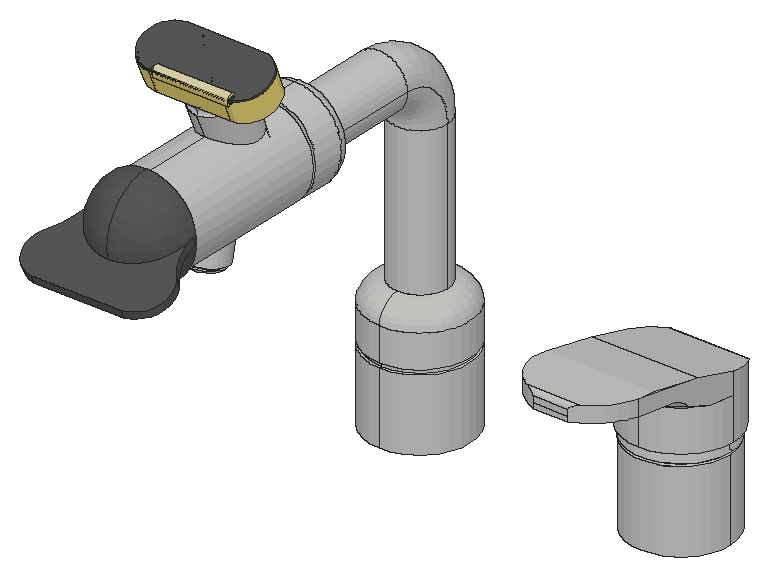
Revit family "SEF-1800-SL ", category Plumbing Fixtures, Revit 2023
Family settings
  Round Connector Dimension = Use Diameter
  Part Type = Normal
  OmniClass Number = 23.45.00.00
  OmniClass Title = Sanitary, Laundry, and Cleaning Equipment
  Work Plane-Based = No
  Enable Cutting in Views = No
  Always vertical = Yes
  Cut with Voids When Loaded = No
  Maintain Annotation Orientation = No
  Shared = No
  Room Calculation Point = No
Parameters
  Default Elevation = 0"
Reference planes (in)
  plane 1 "Center (Front/Back)": y = 0
  plane 2: z = 0
  plane 3 "Center (Left/Right)": x = 0
  plane 4: z = 0
  plane 5: z = 6.606
  plane 6 "Center L/S": y = -5.39
  plane 7: z = 8.867
  plane 8: z = 5.252
  plane 9 "Center L/T": y = -5.5
  plane 10 "Center L/U": y = 1.015
  plane 11 "Center L/V": y = -1.015
  plane 12: z = 2.626
  plane 13: y = -2.89
  plane 14: y = -7.89
  plane 15: y = -6.875
  plane 16: through (480, -5.74257, 8.64781) normal (0, -0.3907, 0.9205)
  plane 17: through (480, -5.74257, 8.64781) normal (0, -0.9205, -0.3907)
  plane 18: through (480, -4.75903, 9.06529) normal (0, -0.9205, -0.3907)
  plane 19: through (480, -5.45937, 5.2624) normal (0, -0.9781, 0.2079)
  plane 20 "Center L/X": y = -6.625
  plane 21: through (480, -4.57337, 6.96459) normal (0, -0.9205, -0.3907)
  plane 22: z = 6.75585
  plane 23: through (480, -5.06513, 6.75585) normal (0, -0.3907, 0.9205)
Forms (in)
  Revolve 1, solid, material "stailes steel"
    sketch origin (0, 0, 0) x (0, 1, 0) y (0, 0, 1)
      loop
        line (0, 2.626) -> (0, 0) -> (1.015, 0) -> (1.015, 1.4396) -> (0.94893, 1.4396) -> (0.94893, 1.53836) -> (1.015, 1.53836) -> (1.015, 2.20016)
        arc (1.015, 2.20016) -> (0.8634, 2.49646) -> (0.55682, 2.626) r 0.48657
        line (0.55682, 2.626) -> (0, 2.626)
      axis (0, 2.626) -> (0, 0)
    angle from 0 to 360
  Sweep 2, solid, material "stailes steel"
    path origin (0, 0, 0) x (0, 1, 0) y (0, 0, 1)
      loop
        line (0, 2.626) -> (0, 5.591)
        arc (0, 5.591) -> (-0.29729, 6.30871) -> (-1.015, 6.606) r 1.015
        line (-1.015, 6.606) -> (-2.89, 6.606)
    profile origin (0, 0, 4.1085) x (0, -1, 0) y (1, 0, 0)
      loop
        circle (0, 0) r 0.55682
  Revolve 3, solid, material "stailes steel"
    sketch origin (0, 0, 0) x (0, 1, 0) y (0, 0, 1)
      loop
        line (-6.87061, 6.606) -> (-6.87061, 5.6742) -> (-3.8506, 5.6742) -> (-3.8506, 5.75791) -> (-3.77829, 5.75791) -> (-3.77829, 5.6742) -> (-3.14, 5.6742)
        arc (-3.14, 5.6742) -> (-2.96322, 5.74743) -> (-2.89, 5.9242) r 0.25
        line (-2.89, 5.9242) -> (-2.89, 6.606) -> (-6.87061, 6.606)
      axis (-6.87061, 6.606) -> (-2.89, 6.606)
    angle from 0 to 360
  Revolve 4, solid, material "black plactic"
    sketch origin (0, 0, 0) x (0, 1, 0) y (0, 0, 1)
      loop
        line (-6.87061, 6.606) -> (-6.87061, 7.606)
        arc (-6.87061, 7.606) -> (-7.57771, 7.31311) -> (-7.87061, 6.606) r 1
        line (-7.87061, 6.606) -> (-6.87061, 6.606)
      axis (-7.87061, 6.606) -> (-6.87061, 6.606)
    angle from 0 to 360
  Extrusion 5, solid, material "Black"
    sketch origin (0, 1.87186, 2.75301) x (1, 0, 0) y (0, 0.939693, 0.34202)
      loop
        line (-0.90764, -8.70609) -> (0.90764, -8.70609)
        arc (0.90764, -8.70609) -> (1.38946, -8.34068) -> (1.28845, -7.74445) r 0.58335
        arc (1.28845, -7.74445) -> (1.06599, -7.36615) -> (0.99201, -6.93357) r 1.21829
        arc (0.99201, -6.93357) -> (-0.00053, -7.80329) -> (-0.99122, -6.93146) r 1
        arc (-0.99122, -6.93146) -> (-1.06541, -7.36517) -> (-1.28845, -7.74445) r 1.22155
        arc (-1.28845, -7.74445) -> (-1.38946, -8.34068) -> (-0.90764, -8.70609) r 0.58335
    from 6.606 to 6.76284
  Revolve 6, solid, material "stailes steel"
    sketch origin (0, 0.76611, 0.11826) x (0, 0.999848, 0.017452) y (0, -0.017452, 0.999848)
      loop
        line (-6.11237, 5.34898) -> (-5.95855, 6.01522) -> (-6.3983, 6.11674) -> (-6.55211, 5.4505) -> (-6.11237, 5.34898)
      axis (-5.95855, 6.01522) -> (-6.11237, 5.34898)
    angle from 0 to 360
  Revolve 7, solid, material "stailes steel"
    sketch origin (0, 0.76611, 0.11826) x (0, 0.999848, 0.017452) y (0, -0.017452, 0.999848)
      loop
        line (-6.13476, 5.252) -> (-6.11222, 5.3496) -> (-6.45935, 5.42974) -> (-6.49303, 5.41749) -> (-6.48139, 5.38551) -> (-6.50785, 5.36743) -> (-6.49621, 5.33545) -> (-6.13476, 5.252)
      axis (-6.11222, 5.3496) -> (-6.13476, 5.252)
    angle from 0 to 360
  Extrusion 8, solid, material "yellow"
    sketch origin (0, 3.73094, 3.10886) x (1, 0, 0) y (0, 0.920505, 0.390731)
      loop
        arc (-0.75, -5.60336) -> (-1.28424, -6.1376) -> (-0.75, -6.67183) r 0.53424
        line (-0.75, -6.67183) -> (0.75, -6.67183)
        arc (0.75, -6.67183) -> (1.28424, -6.1376) -> (0.75, -5.60336) r 0.53424
        line (0.75, -5.60336) -> (-0.75, -5.60336)
    from 8.367 to 8.867
  Extrusion 9, void
    sketch origin (0, 3.73094, 3.10886) x (1, 0, 0) y (0, 0.920505, 0.390731)
      loop
        circle (-0.74404, -6.1376) r 0.5
      loop
        circle (0.74404, -6.1376) r 0.5
      loop
        line (0.38881, -5.68149) -> (-0.38881, -5.68149)
        arc (-0.38881, -5.68149) -> (-0.16592, -6.1376) -> (-0.38881, -6.59371) r 0.57812
        line (-0.38881, -6.59371) -> (0.38881, -6.59371)
        arc (0.38881, -6.59371) -> (0.16592, -6.1376) -> (0.38881, -5.68149) r 0.57812
    from 8.71939 to 8.867
  Revolve 10, solid, material "black plactic"
    sketch origin (0.07238, -1.93252, 0.7559) x (1, 0, 0) y (0, -0.390731, 0.920505)
      loop
        line (-0.81642, 8.78072) -> (-1.028, 8.78072)
        arc (-1.028, 8.78072) -> (-1.05867, 8.75005) -> (-1.028, 8.71939) r 0.03066
        line (-1.028, 8.71939) -> (-1.09196, 8.71939)
        arc (-1.09196, 8.71939) -> (-1.11469, 8.69666) -> (-1.09196, 8.67394) r 0.02273
        line (-1.09196, 8.67394) -> (-0.81642, 8.67394) -> (-0.81642, 8.78072)
      axis (-0.81642, 8.78072) -> (-0.81642, 8.67394)
    angle from 0 to 360
  Revolve 11, solid, material "black plactic"
    sketch origin (-0.07238, -1.93252, 0.7559) x (-1, 0, 0) y (0, 0.390731, -0.920505)
      loop
        line (-0.81642, -8.78072) -> (-0.81642, -8.67394) -> (-1.09196, -8.67394)
        arc (-1.09196, -8.67394) -> (-1.11469, -8.69666) -> (-1.09196, -8.71939) r 0.02273
        line (-1.09196, -8.71939) -> (-1.028, -8.71939)
        arc (-1.028, -8.71939) -> (-1.05867, -8.75005) -> (-1.028, -8.78072) r 0.03066
        line (-1.028, -8.78072) -> (-0.81642, -8.78072)
      axis (-0.81642, -8.78072) -> (-0.81642, -8.67394)
    angle from 0 to 360
  Extrusion 12, solid, material "black plactic"
    sketch origin (0, 3.73094, 3.10886) x (1, 0, 0) y (0, 0.920505, 0.390731)
      loop
        circle (0, -6.1376) r 0.1333
      loop
        line (0.08128, -6.15938) -> (0.0595, -6.07809) -> (-0.02178, -6.05631) -> (-0.08128, -6.11582) -> (-0.0595, -6.1971) -> (0.02178, -6.21888) -> (0.08128, -6.15938)
    from 8.55135 to 8.80094
  Extrusion 13, solid, material "yellow"
    sketch origin (0, 3.73094, 3.10886) x (0, 0.920505, 0.390731) y (0, -0.390731, 0.920505)
      loop
        arc (-6.48571, 8.88472) -> (-6.64092, 8.91771) -> (-6.68995, 8.76679) r 0.11857
        line (-6.68995, 8.76679) -> (-6.48571, 8.88472)
    from -0.67108 to 0.83915
  Extrusion 14, solid, material "black plactic"
    sketch origin (0, 3.72988, 3.13053) x (1, 0, 0) y (0, 0.920505, 0.390731)
      loop
        line (0.75, -5.60336) -> (-0.75, -5.60336)
        arc (-0.75, -5.60336) -> (-1.28424, -6.1376) -> (-0.75, -6.67183) r 0.53424
        line (-0.75, -6.67183) -> (0.75, -6.67183)
        arc (0.75, -6.67183) -> (1.28424, -6.1376) -> (0.75, -5.60336) r 0.53424
    from 8.84664 to 8.88213
  Revolve 15, solid, material "stailes steel"
    sketch origin (0, -0.16853, -0.70107) x (0, 0.992546, -0.121869) y (0, 0.121869, 0.992546)
      loop
        line (-6.44829, 7.98135) -> (-5.76888, 6.80458) -> (-5.30621, 7.0717) -> (-5.98562, 8.24847) -> (-6.44829, 7.98135)
      axis (-5.98562, 8.24847) -> (-5.30621, 7.0717)
    angle from 0 to 360
  Revolve 16, solid
    sketch origin (0, -0.16853, -0.70107) x (0, 0.992546, -0.121869) y (0, 0.121869, 0.992546)
      loop
        arc (-6.55539, 8.16687) -> (-6.4694, 8.09284) -> (-6.44829, 7.98135) r 0.17187
        line (-6.44829, 7.98135) -> (-5.98562, 8.24847) -> (-6.09273, 8.43399) -> (-6.55539, 8.16687)
      axis (-6.09273, 8.43399) -> (-5.98562, 8.24847)
    angle from 0 to 360
  Extrusion 17, solid, material "black plactic"
    sketch origin (0, 0, 0) x (0, 1, 0) y (0, 0, 1)
      loop
        circle (-5.81427, 8.68327) r 0.05572
    from -0.70271 to 0.88857
Cuts and joins
  Extrusion 9 cuts Revolve 3
  Extrusion 9 cuts Revolve 6
  Extrusion 9 cuts Revolve 7
  Extrusion 9 cuts Extrusion 8
  joined: Extrusion 8, Extrusion 13
  joined: Revolve 11, Extrusion 12
Dimensions and locks (in)
  level to plane 5 = 6.606"
  plane 6 "Center L/S" to plane 1 "Center (Front/Back)" = 5.39"
  plane 5 to plane 7 = 2.261"
  plane 8 to level = 5.252"
  plane 9 "Center L/T" to plane 1 "Center (Front/Back)" = 5 1/2"
  plane 20 "Center L/X" to plane 1 "Center (Front/Back)" = 6 5/8"
  angle plane 19 to plane 1 "Center (Front/Back)" = 12.00°
  aligned and locked: level to plane 2
Nested families (in)
  nested 1: "tap" at (5.25, 0, 0), type "tap"
Definition of nested family "tap"
  Parameters (values of type "tap")
    matel base = none
    Default Elevation = 0"
  Reference planes (in)
    plane 1 "Center (Front/Back)": y = 0
    plane 2: z = 0
    plane 3 "Center (Left/Right)": x = 0
    plane 4: z = 2.625
    plane 5: y = 1.06292
    plane 6: y = -1.06292
  Forms (in)
    Extrusion 1, solid, material <- "matel base"
      sketch origin (0, 0, 0) x (1, 0, 0) y (0, 1, 0)
        loop
          circle (0, 0) r 1
      from 0 to 1.625
    Revolve 2, solid, material <- "matel base"
      sketch origin (0, 0, 0) x (1, 0, 0) y (0, 0, 1)
        loop
          line (0, 1.625) -> (0, 2.625)
          arc (0, 2.625) -> (-0.68812, 2.3506) -> (-0.9986, 1.67799) r 1
          line (-0.9986, 1.67799) -> (-0.92643, 1.67799) -> (-0.92643, 1.625) -> (0, 1.625)
        axis (0, 2.625) -> (0, 1.625)
      angle from 0 to 360
    Extrusion 3, solid, material <- "matel base"
      sketch origin (0, 0, 0) x (0, 1, 0) y (0, 0, 1)
        loop
          line (1.06292, 2.11248) -> (1.06292, 2.45492)
          arc (1.06292, 2.45492) -> (0.96395, 2.76931) -> (0.70275, 2.97033) r 0.54888
          line (0.70275, 2.97033) -> (-0.90985, 3.43274)
          arc (-0.90985, 3.43274) -> (-2.03196, 3.67125) -> (-3.17635, 3.75128) r 8.22279
          arc (-3.17635, 3.75128) -> (-3.24683, 3.72208) -> (-3.27603, 3.6516) r 0.09967
          line (-3.27603, 3.6516) -> (-3.27603, 3.5258) -> (-3.27603, 3.43179)
          arc (-3.27603, 3.43179) -> (-3.0464, 3.44131) -> (-2.81676, 3.43179) r 2.77322
          arc (-2.81676, 3.43179) -> (-2.16269, 3.35983) -> (-1.51338, 3.25311) r 12.33742
          arc (-1.51338, 3.25311) -> (-1.195, 3.0675) -> (-1.06292, 2.72344) r 0.55534
          line (-1.06292, 2.72344) -> (-1.06292, 1.88439) -> (0.40049, 1.88439) -> (1.06292, 2.11248)
      from -1.06292 to 1.06292
    Extrusion 4, void
      sketch origin (0, 0, 0) x (1, 0, 0) y (0, 1, 0)
        loop
          line (-1.06292, 1.06292) -> (-1.06292, 0)
          arc (-1.06292, 0) -> (-0.7516, 0.7516) -> (0, 1.06292) r 1.06292
          line (0, 1.06292) -> (-1.06292, 1.06292)
      from 0 to 3.9534
    Extrusion 5, void
      sketch origin (0, 0, 0) x (-1, 0, 0) y (0, -1, 0)
        loop
          line (-1.06292, -1.06292) -> (0, -1.06292)
          arc (0, -1.06292) -> (-0.7516, -0.7516) -> (-1.06292, 0) r 1.06292
          line (-1.06292, 0) -> (-1.06292, -1.06292)
      from 0 to 3.9534
    Extrusion 6, void
      sketch origin (0, 0, 0) x (1, 0, 0) y (0, 1, 0)
        loop
          line (-1.06292, -1.06292) -> (0, -1.06292)
          arc (0, -1.06292) -> (-0.7516, -0.7516) -> (-1.06292, 0) r 1.06292
          line (-1.06292, 0) -> (-1.06292, -1.06292)
      from 0 to 2.72344
    Sweep 7, void
      path origin (0, 0, 0) x (1, 0, 0) y (0, 1, 0)
        loop
          arc (0, -1.06292) -> (-0.7516, -0.7516) -> (-1.06292, 0) r 1.06292
      profile origin (-0.7516, -0.7516, 0) x (-0.707107, -0.707107, 0) y (0, 0, 1)
        loop
          arc (0.57615, 2.72344) -> (0.81292, 3.08577) -> (1.20467, 3.2698) r 0.79298
          arc (1.20467, 3.2698) -> (1.02388, 3.25006) -> (0.84589, 3.21268) r 1.85135
          line (0.84589, 3.21268) -> (-0.0015, 2.72344) -> (0.57615, 2.72344)
    Extrusion 8, void
      sketch origin (0, 0, 0) x (-1, 0, 0) y (0, -1, 0)
        loop
          line (-1.06292, 1.06292) -> (-1.06292, 0)
          arc (-1.06292, 0) -> (-0.7516, 0.7516) -> (0, 1.06292) r 1.06292
          line (0, 1.06292) -> (-1.06292, 1.06292)
      from 0 to 2.72344
    Sweep 9, void
      path origin (0, 0, 0) x (-1, 0, 0) y (0, -1, 0)
        loop
          arc (0, 1.06292) -> (-0.7516, 0.7516) -> (-1.06292, 0) r 1.06292
      profile origin (0.7516, -0.7516, 0) x (-0.707107, 0.707107, 0) y (0, 0, 1)
        loop
          line (-0.57615, 2.72344) -> (0.0015, 2.72344) -> (-0.84589, 3.21268)
          arc (-0.84589, 3.21268) -> (-1.02388, 3.25006) -> (-1.20467, 3.2698) r 1.85135
          arc (-1.20467, 3.2698) -> (-0.81292, 3.08577) -> (-0.57615, 2.72344) r 0.79298
    Extrusion 10, void
      sketch origin (0, 0, 0) x (1, 0, 0) y (0, 1, 0)
        loop
          line (-1.06292, -2.38495) -> (-1.06292, -3.27603) -> (-0.34146, -3.27603)
          arc (-0.34146, -3.27603) -> (-0.83416, -2.93734) -> (-1.06292, -2.38495) r 1.05255
      from 0 to 12
    Extrusion 11, void
      sketch origin (0, 0, 0) x (-1, 0, 0) y (0, -1, 0)
        loop
          arc (-1.06292, 2.38495) -> (-0.83416, 2.93734) -> (-0.34146, 3.27603) r 1.05255
          line (-0.34146, 3.27603) -> (-1.06292, 3.27603) -> (-1.06292, 2.38495)
      from 0 to 4.15901
  Cuts and joins
    Extrusion 4, Extrusion 5, Extrusion 6, Sweep 7, Extrusion 8, Sweep 9, Extrusion 10, Extrusion 11 cuts Extrusion 3
  Dimensions and locks (in)
    aligned and locked: level to plane 2
